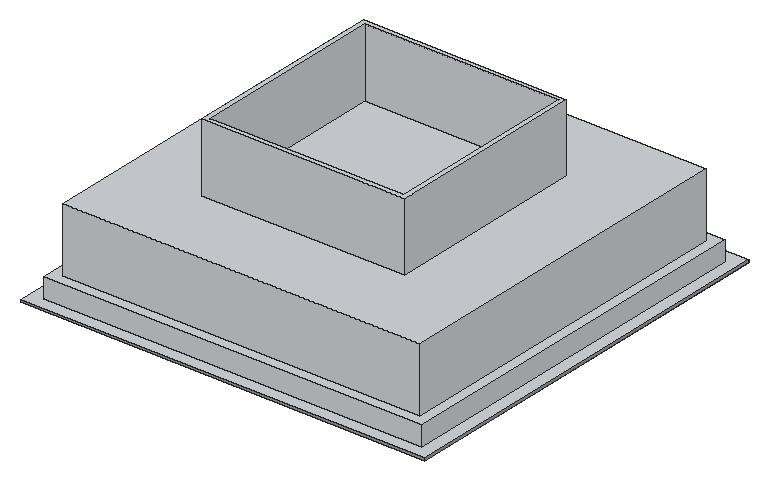
Revit family "PDR", category Air Terminals, Revit 2012
Parameters (values of type "PDI-C-06-12")
  URL = "http://www.innes.com.mx"
  Radio = A cuello / 2  # 2 15/16"
  Mínima velocidad de cuello = 0 FPM
  Mínima presión estática = 0.00 in-wg
  Máximo nivel de ruido (NC) = ""
  Máxima velocidad de cuello = 0 FPM
  Máxima presión estática = 0.00 in-wg
  Min Flow = 0 CFM
  Max Flow = 0 CFM
  Material = ""
  Manufacturer = "INNES"
  Diametro interior = Radio - 1/8"  # 2 13/16"
  Cuello Redondo = no
  Cuello Cuadrado = yes
  Cuello = ""
  Base 2 = 10 3/8"
  Base 1 = 11"
  B plato = 11 3/4"
  Alto plato = 2 1/2"
  Alto base = 5/8"
  A cuello = 5 7/8"
Types (9): name | Radio | Diametro interior | Cuello Redondo | Cuello Cuadrado | Base 2 | Base 1 | B plato | A cuello
  (no name) | 2 15/16" | 2 13/16" | no | yes | 10 3/8" | 11" | 11 3/4" | 5 7/8"
  PDI-C-06-12 | 2 15/16" | 2 13/16" | no | yes | 10 3/8" | 11" | 11 3/4" | 5 7/8"
  PDI-C-08-16 | 3 15/16" | 3 13/16" | yes | yes | 14" | 15" | 15 3/4" | 7 7/8"
  PDI-C-10-20 | 4 15/16" | 4 13/16" | yes | yes | 18" | 19" | 19 3/4" | 9 7/8"
  PDI-C-08-20 | 3 15/16" | 3 13/16" | yes | yes | 18" | 19" | 19 3/4" | 7 7/8"
  PDI-C-10-24 | 4 15/16" | 4 13/16" | yes | yes | 22" | 23" | 23 3/4" | 9 7/8"
  PDI-C-08-12 | 3 15/16" | 3 13/16" | yes | no | 10 3/8" | 11" | 11 3/4" | 7 7/8"
  PDI-C-10-16 | 4 15/16" | 4 13/16" | yes | yes | 14" | 15" | 15 3/4" | 9 7/8"
  PDI-C-12-24 | 5 15/16" | 5 13/16" | yes | no | 22" | 23" | 23 3/4" | 11 7/8"
Reference planes (in)
  plane 1 "Center (Front/Back)": y = 0
  plane 2: z = 0
  plane 3 "Center (Left/Right)": x = -0.96727
  plane 4: y = 5.875
  plane 5: y = -5.875
  plane 6: x = -6.84227
  plane 7: x = 4.90773
  plane 8: x = -6.46727
  plane 9: x = 4.53273
  plane 10: y = 5.5
  plane 11: y = -5.5
  plane 12: z = 0.625
  plane 13: z = 2.5
  plane 14 "Alto medida requerida": z = 4.5
  plane 15: x = -6.15477
  plane 16: x = 4.22023
  plane 17: y = 5.1875
  plane 18: y = -5.1875
  plane 19: y = 2.9375
  plane 20: y = -2.9375
  plane 21: x = -3.90477
  plane 22: x = 1.97023
Forms (in)
  Extrusion 1, solid, material "Default"
    sketch origin (0, 0, 0) x (1, 0, 0) y (0, 1, 0)
      loop
        line (-6.84227, 5.875) -> (-6.84227, -5.875) -> (4.90773, -5.875) -> (4.90773, 5.875) -> (-6.84227, 5.875)
    from 0 to 0.05931
  Extrusion 2, solid
    sketch origin (0, 0, 0) x (1, 0, 0) y (0, 1, 0)
      loop
        line (-6.46727, 5.5) -> (-6.46727, -5.5) -> (4.53273, -5.5) -> (4.53273, 5.5) -> (-6.46727, 5.5)
    from 0.05931 to 0.625
  Extrusion 3, solid
    sketch origin (0, 0, 0) x (1, 0, 0) y (0, 1, 0)
      loop
        line (-6.15477, 5.1875) -> (-6.15477, -5.1875) -> (4.22023, -5.1875) -> (4.22023, 5.1875) -> (-6.15477, 5.1875)
    from 0.625 to 2.5
  Extrusion 4, solid, visible <- "Cuello Cuadrado"
    sketch origin (0, 0, 0) x (1, 0, 0) y (0, 1, 0)
      loop
        line (-3.90477, 2.9375) -> (-3.90477, -2.9375) -> (1.97023, -2.9375) -> (1.97023, 2.9375) -> (-3.90477, 2.9375)
      loop
        line (-3.77977, 2.8125) -> (-3.77977, -2.8125) -> (1.84523, -2.8125) -> (1.84523, 2.8125) -> (-3.77977, 2.8125)
    from 2.5 to 4.5
  Extrusion 5, solid, visible <- "Cuello Redondo"
    sketch origin (0, 0, 0) x (1, 0, 0) y (0, 1, 0)
      loop
        circle (-0.96727, 0) r 2.9375
      loop
        circle (-0.96727, 0) r 2.8125
    from 2.5 to 4.5
  Extrusion 6, solid
    sketch origin (0, 0, 4.5) x (0, 1, 0) y (-1, 0, 0)
      loop
        line (5.875, 6.84227) -> (-5.875, 6.84227) -> (-5.875, -4.90773) -> (5.875, -4.90773) -> (5.875, 6.84227)
      loop
        line (5.5, 6.46727) -> (-5.5, 6.46727) -> (-5.5, -4.53273) -> (5.5, -4.53273) -> (5.5, 6.46727)
    from -4.5 to -4.44069
Dimensions and locks (in)
  equal spacing: plane 6, plane 3 "Center (Left/Right)", plane 7
  "B plato": plane 6 to plane 7
  equal spacing: plane 4, plane 1 "Center (Front/Back)", plane 5
  "B plato": plane 4 to plane 5
  equal spacing: plane 8, plane 3 "Center (Left/Right)", plane 9
  "Base 1": plane 8 to plane 9
  equal spacing: plane 10, plane 1 "Center (Front/Back)", plane 11
  "Base 1": plane 10 to plane 11
  locked: plane 14 "Alto medida requerida" to plane 13 at 2
  locked: plane 12 to level at 0.625
  locked: plane 13 to level at 2.5
  equal spacing: plane 15, plane 3 "Center (Left/Right)", plane 16
  "Base 2": plane 15 to plane 16
  equal spacing: plane 17, plane 1 "Center (Front/Back)", plane 18  (x2)
  "Base 2": plane 17 to plane 18
  equal spacing: plane 19, plane 1 "Center (Front/Back)", plane 20
  "A cuello": plane 19 to plane 20
  equal spacing: plane 21, plane 3 "Center (Left/Right)", plane 22
  "A cuello": plane 21 to plane 22
  "Radio": radius of Extrusion 5 sketch curve
  "Diametro interior": radius of Extrusion 5 sketch curve
  aligned and locked: plane 2 to level
  aligned and locked: Extrusion 1 sketch curve to plane 4
  aligned and locked: plane 6 to Extrusion 1 sketch curve
  aligned and locked: plane 5 to Extrusion 1 sketch curve
  aligned and locked: Extrusion 1 sketch curve to plane 7
  aligned and locked: Extrusion 2 sketch curve to plane 10
  aligned and locked: Extrusion 2 sketch curve to plane 8
  aligned and locked: plane 11 to Extrusion 2 sketch curve
  aligned and locked: Extrusion 2 sketch curve to plane 9
  aligned and locked: Extrusion 3 sketch curve to plane 17
  aligned and locked: plane 15 to Extrusion 3 sketch curve
  aligned and locked: plane 18 to Extrusion 3 sketch curve
  aligned and locked: Extrusion 3 sketch curve to plane 16
  aligned and locked: Extrusion 3 to plane 12
  aligned and locked: Extrusion 1 to Extrusion 2
  aligned and locked: Extrusion 6 sketch curve to Extrusion 1  (x4)
  aligned and locked: Extrusion 6 sketch curve to Extrusion 2
  aligned and locked: Extrusion 6 to level
  aligned and locked: Extrusion 6 to Extrusion 1
Automatic sketch dimensions
  plane 20 to Extrusion 4 sketch curve = 0"
  Extrusion 4 sketch curve to plane 21 = 0"
  Extrusion 4 sketch curve to plane 22 = 0"
  Extrusion 4 sketch curve to plane 19 = 0"
  Extrusion 4 sketch curve to plane 19 = 1/8"
  Extrusion 4 sketch curve to plane 22 = 1/8"
  Extrusion 4 sketch curve to plane 20 = 1/8"
  plane 21 to Extrusion 4 sketch curve = 1/8"
  Extrusion 5 sketch curve to Extrusion 5 sketch curve = 0"  (x2)
  plane 1 "Center (Front/Back)" to Extrusion 5 sketch curve = 0"
  Extrusion 5 sketch curve to plane 3 "Center (Left/Right)" = 0"
  Extrusion 6 sketch curve to plane 9 = 0"
  Extrusion 6 sketch curve to plane 10 = 0"
  Extrusion 6 sketch curve to plane 8 = 0"
Connectors (in)
  hvac at (-0.96727, 0, 4.5), driven by "Radio"
    settings: on Extrusion 5, index 1, duct flow 0 CFM, flow factor 0, pres drop 0.00 in-wg, loss coef 0, conn angle 0.00°, conn width 12", conn height 12", conn radius 2 15/16", duct sys type 1, conn prof type 0, flow config 0, flow direction 0, loss method 0, conn ref index -1, conn util no, is conn primary yes, conn desc ""
  hvac at (-0.96727, 0, 4.5), driven by "A cuello", driven by "A cuello"
    settings: on Extrusion 4, index 2, duct flow 0 CFM, flow factor 0, pres drop 0.00 in-wg, loss coef 0, conn angle 0.00°, conn width 5 7/8", conn height 5 7/8", conn radius 12", duct sys type 1, conn prof type 1, flow config 0, flow direction 0, loss method 0, conn ref index -1, conn util no, is conn primary no, conn desc ""
